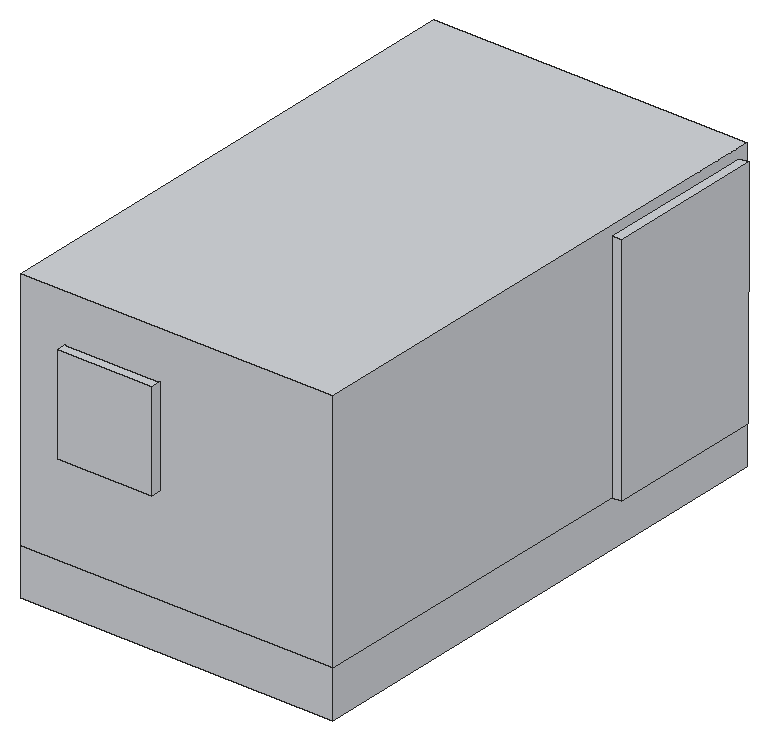
Revit family "Módulo de Ventilador AHU - HDT - Descarga Horizontal", category Equipamento mecânico, Revit 2019
Family settings
  Cota do conector redondo = Utilizar diâmetro
  Tipo de parte = Normal
  ID de item do Seek = AHU Fan Module - Front Discharge Up-0000-CAN-ENU
  Com base no plano de trabalho = Não
  Sempre na vertical = Sim
  Corte com vazios quando carregada = Não
  Compartilhado = Não
  Ponto de cálculo do ambiente = Não
Parameters (values of type "Padrão")
  Largura 1 = 406.4 mm
  Voltagem = 230 V
  Deslocamento da largura da torneira = 115 mm
  Largura da saída = 242 mm
  Altura da saída = 249 mm
  Classificação de carga = Refrigeração
  Largura interna = 800 mm
  Altura interna = 625 mm
  Deslocamento da altura de saída = 372 mm
  Largura do ventilador = 800 mm
  Material do ventilador = none
  Número de pólos = 1
  Comprimento do ventilador = 1325 mm
  Altura do ventilador = 745 mm
  Material base = none
  Altura base = 120 mm
  Carga aparente [instance] = 13000 VA
  Velocidade do ar [instance] = 0.0 m/s
  Queda de pressão do ar [instance] = 187.0 Pa
  Fluxo de ar [instance] = Velocidade do ar * Altura interna * Largura interna  # 0.0 L/s
Reference planes
  plane 1 "Parte posterior": y = 0
  plane 2 "Inferior": z = 0
  plane 3 "Centro (direita/esquerda)": x = 0
  plane 4 "Esquerda": x = -400
  plane 5 "Direita": x = 400
  plane 6 "Parte frontal": y = -1325
  plane 7 "Superior": z = 745
  plane 8: x = -425.4
  plane 9: x = 425.4
  plane 10: y = -25.4
  plane 11: z = 719.6
  plane 12: z = 25.4
  plane 13: y = -1232
  plane 14: z = 770
  plane 15: z = 101.6
  plane 16: y = -228.6
  plane 17: x = -285
  plane 18: x = -43
  plane 19: z = 372
  plane 20: z = 621
  plane 21: y = -1350
  plane 22: z = 62.676
  plane 23 "Base": z = 120
  plane 24 "Centro (Frente/Trás)": y = -662.5
Forms (mm)
  Extrusion 1, solid, material <- "Material do ventilador"
    sketch origin (0, 0, 0) x (1, 0, 0) y (0, 1, 0)
      loop
        line (-400, 0) -> (-400, -1325) -> (400, -1325) -> (400, 0) -> (-400, 0)
    from 120 to 745
  Extrusion 2, solid, material <- "Material do ventilador"
    sketch origin (0, 0, 0) x (1, 0, 0) y (0, 1, 0)
      loop
        line (-425.4, -25.4) -> (-425.4, -431.8) -> (-400, -431.8) -> (-400, -25.4) -> (-425.4, -25.4)
      loop
        line (400, -25.4) -> (400, -431.8) -> (425.4, -431.8) -> (425.4, -25.4) -> (400, -25.4)
    from 120 to 719.6
  Extrusion 3, solid, material <- "Material do ventilador"
    sketch origin (0, 0, 0) x (0, 1, 0) y (0, 0, 1)
      loop
        circle (-228.6, 101.6) r 19.05
    from -425.4 to -400
  Extrusion 4, solid, material <- "Material do ventilador"
    sketch origin (400, -1325, 0) x (-1, 0, 0) y (0, 0, -1)
      loop
        line (685, -621) -> (685, -372) -> (443, -372) -> (443, -621) -> (685, -621)
    from 0 to 25
  Extrusion 5, solid, material <- "Material base"
    sketch origin (0, 0, 0) x (1, 0, 0) y (0, 1, 0)
      loop
        line (-400, 0) -> (-400, -1325) -> (400, -1325) -> (400, 0) -> (-400, 0)
    from 0 to 120
Cuts and joins
  joined: Extrusion 1, Extrusion 2, Extrusion 3
Dimensions and locks
  "Largura do ventilador": plane 4 "Esquerda" to plane 5 "Direita"
  equal spacing: plane 4 "Esquerda", plane 3 "Centro (direita/esquerda)", plane 5 "Direita"
  "Comprimento do ventilador": plane 1 "Parte posterior" to plane 6 "Parte frontal"
  "Altura do ventilador": plane 2 "Inferior" to plane 7 "Superior"
  locked: plane 8 to plane 4 "Esquerda" at 25.4
  locked: plane 5 "Direita" to plane 9 at 25.4
  locked: plane 1 "Parte posterior" to plane 10 at 25.4
  locked: plane 11 to plane 7 "Superior" at 25.4
  locked: plane 2 "Inferior" to plane 12 at 25.4
  locked: plane 7 "Superior" to plane 14 at 25
  locked: plane 15 to plane 2 "Inferior" at 101.6
  plane 10 to plane 16 = 203.2 mm
  "Largura da saída": plane 17 to plane 18
  "Deslocamento da largura da torneira": plane 4 "Esquerda" to plane 17
  plane 13 to plane 6 "Parte frontal" = 93 mm
  "Deslocamento da altura de saída": plane 19 to plane 2 "Inferior"
  "Altura da saída": plane 20 to plane 19
  locked: plane 6 "Parte frontal" to plane 21 at 25
  "Altura base": plane 2 "Inferior" to plane 23 "Base"
  equal spacing: plane 6 "Parte frontal", plane 24 "Centro (Frente/Trás)", plane 1 "Parte posterior"
  radius of Extrusion 3 sketch curve = 19.05 mm
  aligned and locked: plane 4 "Esquerda" to Extrusion 1 sketch curve
  aligned and locked: plane 1 "Parte posterior" to Extrusion 1 sketch curve
  aligned and locked: plane 6 "Parte frontal" to Extrusion 1 sketch curve
  aligned and locked: Extrusion 1 sketch curve to plane 5 "Direita"
  aligned and locked: plane 7 "Superior" to Extrusion 1
  aligned and locked: plane 8 to Extrusion 2 sketch curve
  aligned and locked: Extrusion 2 sketch curve to plane 10  (x2)
  aligned and locked: Extrusion 2 sketch curve to plane 4 "Esquerda"
  aligned and locked: plane 5 "Direita" to Extrusion 2 sketch curve
  aligned and locked: Extrusion 2 sketch curve to plane 9
  aligned and locked: plane 11 to Extrusion 2
  aligned and locked: plane 15 to Extrusion 3 sketch curve
  aligned and locked: plane 16 to Extrusion 3 sketch curve
  aligned and locked: Extrusion 3 to plane 8
  aligned and locked: plane 4 "Esquerda" to Extrusion 3
  aligned and locked: Extrusion 4 sketch curve to plane 20
  aligned and locked: plane 19 to Extrusion 4 sketch curve
  aligned and locked: Extrusion 4 sketch curve to plane 18
  aligned and locked: plane 17 to Extrusion 4 sketch curve
  aligned and locked: Extrusion 4 to plane 21
  aligned and locked: Extrusion 2 to plane 23 "Base"
  aligned and locked: cut or joined group of Extrusion 1, Extrusion 2, Extrusion 3 to plane 23 "Base"
  aligned and locked: plane 23 "Base" to Extrusion 5
  aligned and locked: Extrusion 5 to plane 2 "Inferior"
  aligned and locked: Extrusion 5 to plane 4 "Esquerda"
  aligned and locked: Extrusion 5 to plane 5 "Direita"
Automatic sketch dimensions
  plane 16 to Extrusion 2 sketch curve = 203.2 mm  (x2)
  Extrusion 5 sketch curve to plane 4 "Esquerda" = 0 mm
  Extrusion 5 sketch curve to plane 5 "Direita" = 0 mm
  Extrusion 5 sketch curve to plane 6 "Parte frontal" = 0 mm
  plane 1 "Parte posterior" to Extrusion 5 sketch curve = 0 mm
Connectors
  electrical at (-425.4, -228.6, 101.6), driven by "Voltagem", driven by "Número de pólos", driven by "Carga aparente", driven by "Classificação de carga"
    settings: on Extrusion 3, index 3, voltage 230 V, apparent load 13000 VA, apparent load phase1 0 VA, apparent load phase2 0 VA, apparent load phase3 0 VA, power factor 0.8, load classification "Refrigeração", number of poles 1, system type 30, power factor state 1, is connector primary yes, connector utility no, sub classification motor no, connector description ""
  hvac at (-164, -1350, 496.5), driven by "Fluxo de ar", driven by "Altura da saída", driven by "Largura da saída", driven by "Queda de pressão do ar"
    settings: on Extrusion 4, index 4, duct flow 0.0 L/s, flow factor 0, pres drop 187.0 Pa, loss coef 0, conn angle 0.00°, conn width 242 mm, conn height 249 mm, conn diameter 609.6 mm, duct sys type 1, conn prof type 1, flow config 0, flow direction 2, loss method 4, conn ref index 5, conn util no, is conn primary yes, conn desc "Saída de suprimento de ar"
  hvac at (0, 0, 432.5), driven by "Fluxo de ar", driven by "Altura interna", driven by "Largura interna"
    settings: on cut or joined group of Extrusion 1, Extrusion 2, Extrusion 3, index 5, duct flow 0.0 L/s, flow factor 0, pres drop 0.0 Pa, loss coef 0, conn angle 0.00°, conn width 800 mm, conn height 625 mm, conn diameter 609.6 mm, duct sys type 2, conn prof type 1, flow config 0, flow direction 1, loss method 0, conn ref index 4, conn util no, is conn primary no, conn desc "Entrada de ar fresco"
Types in the file's own list only (18): name | Largura 1 | Deslocamento da largura da torneira | Largura da saída | Altura da saída | Largura interna | Altura interna | Deslocamento da altura de saída | Largura do ventilador | Comprimento do ventilador | Altura do ventilador
  Para 0.24 metros quadrados de serpentina | 406 mm | 115 mm | 242 mm | 249 mm | 800 mm | 625 mm | 372 mm | 800 mm | 1325 mm | 745 mm
  Para 0.31 metros quadrados de serpentina | 406 mm | 202 mm | 242 mm | 275 mm | 975 mm | 625 mm | 376 mm | 975 mm | 1325 mm | 745 mm
  Para 0.47 metros quadrados de serpentina | 406 mm | 377 mm | 242 mm | 275 mm | 1325 mm | 625 mm | 376 mm | 1325 mm | 1325 mm | 745 mm
  Para 0.67 metros quadrados de serpentina | 406 mm | 264 mm | 417 mm | 417 mm | 1325 mm | 800 mm | 410 mm | 1325 mm | 1500 mm | 920 mm
  Para 0.78 metros quadrados de serpentina | 406 mm | 351 mm | 417 mm | 417 mm | 1500 mm | 800 mm | 410 mm | 1500 mm | 1675 mm | 920 mm
  Para 0.98 metros quadrados de serpentina | 406 mm | 326 mm | 466 mm | 466 mm | 1500 mm | 975 mm | 445 mm | 1500 mm | 1675 mm | 1095 mm
  Para 1.13 metros quadrados de serpentina | 406 mm | 362 mm | 466 mm | 466 mm | 1675 mm | 975 mm | 445 mm | 1675 mm | 1850 mm | 1095 mm
  Para 1.57 metros quadrados de serpentina | 406 mm | 329 mm | 651 mm | 651 mm | 1850 mm | 1150 mm | 526 mm | 1850 mm | 2025 mm | 1270 mm
  Para 1.88 metros quadrados de serpentina | 406 mm | 359 mm | 651 mm | 651 mm | 1675 mm | 1500 mm | 526 mm | 1675 mm | 2025 mm | 1620 mm
  Para 2.12 metros quadrados de serpentina | 406 mm | 359 mm | 651 mm | 651 mm | 1850 mm | 1500 mm | 526 mm | 1850 mm | 2025 mm | 1620 mm
  Para 2.44 metros quadrados de serpentina | 406 mm | 383 mm | 728 mm | 728 mm | 2025 mm | 1675 mm | 660 mm | 2025 mm | 2200 mm | 1795 mm
  Para 2.88 metros quadrados de serpentina | 406 mm | 383 mm | 728 mm | 728 mm | 2025 mm | 1850 mm | 660 mm | 2025 mm | 2200 mm | 1970 mm
  Para 3.17 metros quadrados de serpentina | 406 mm | 460 mm | 911 mm | 911 mm | 2200 mm | 1850 mm | 756 mm | 2200 mm | 2550 mm | 1970 mm
  Para 3.46 metros quadrados de serpentina | 406 mm | 420 mm | 911 mm | 911 mm | 2375 mm | 1850 mm | 756 mm | 2375 mm | 2550 mm | 1970 mm
  Para 3.86 metros quadrados de serpentina | 406 mm | 732 mm | 911 mm | 911 mm | 2375 mm | 2025 mm | 756 mm | 2375 mm | 2550 mm | 2145 mm
  Para 4.19 metros quadrados de serpentina | 406 mm | 678 mm | 1020 mm | 1020 mm | 2375 mm | 2200 mm | 802 mm | 2375 mm | 2550 mm | 2320 mm
  Para 5.25 metros quadrados de serpentina | 406 mm | 940 mm | 1020 mm | 1020 mm | 2900 mm | 2200 mm | 802 mm | 2900 mm | 2725 mm | 2320 mm
  Para 6.16 metros quadrados de serpentina | 406 mm | 940 mm | 1020 mm | 1020 mm | 2900 mm | 2550 mm | 802 mm | 2900 mm | 2725 mm | 2670 mm
